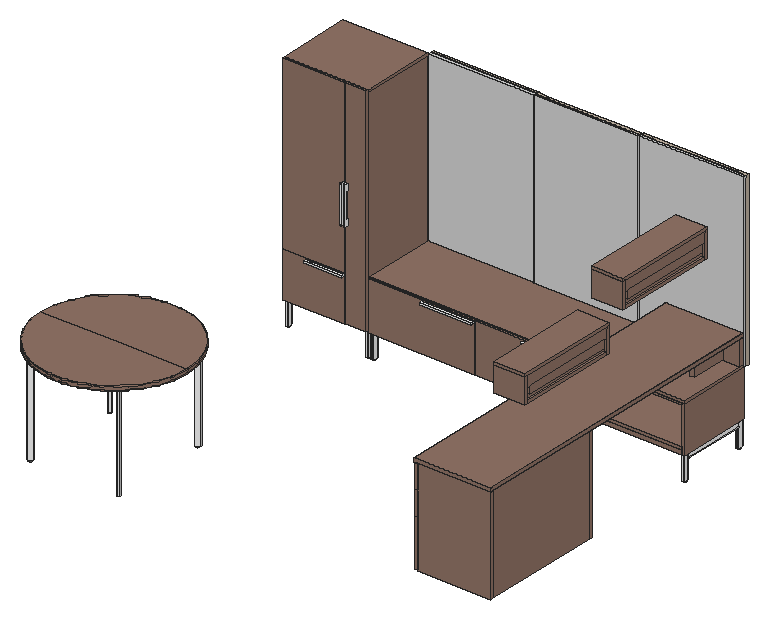
Revit family "FLV005", category Furniture, Revit 2019 (continued)
Definition of nested family "JSI-Flux- Lat_File_Ped_Crednz_Leg"
  Lines and regions (in)
    symbolic lines, detail levels medium+fine
      curve 6: line (-35.25163, 10.6875, 0) -> (-36.00163, 10.6875, 0)
      curve 7: line (-35.25163, 10.6875, 0) -> (-35.25163, -10.375, 0)
      curve 8: line (-35.25163, -10.375, 0) -> (-36.00163, -10.375, 0)
      curve 9: line (59.12337, 10.6875, 0) -> (59.12337, -11.125, 0)
      curve 10: line (59.87337, 10.6875, 0) -> (59.87337, -11.125, 0)
      curve 11: line (59.87337, 10.6875, 0) -> (59.12337, 10.6875, 0)
      curve 12: line (59.87337, -11.125, 0) -> (59.12337, -11.125, 0)
      curve 13: line (59.12337, 10.625, 0) -> (-35.25163, 10.625, 0)
      curve 14: line (59.12337, 9.875, 0) -> (-35.25163, 9.875, 0)
    symbolic lines, visible <- "L1_Partition", detail levels medium+fine
      curve 15: line (-4.2933, 9.875, 0) -> (-4.2933, -10.375, 0)
      curve 16: line (-3.5433, 9.875, 0) -> (-3.5433, -10.375, 0)
      curve 17: line (-3.5433, 9.875, 0) -> (-4.2933, 9.875, 0)
      curve 18: line (-3.5433, -10.375, 0) -> (-4.2933, -10.375, 0)
    symbolic lines, visible <- "L2_Partition", detail levels medium+fine
      curve 19: line (-3.5433, 9.875, 0) -> (-3.5433, -10.375, 0)
      curve 20: line (-2.7933, 9.875, 0) -> (-2.7933, -10.375, 0)
      curve 21: line (-2.7933, 9.875, 0) -> (-3.5433, 9.875, 0)
      curve 22: line (-2.7933, -10.375, 0) -> (-3.5433, -10.375, 0)
    symbolic lines, visible <- "R1_Partition", detail levels medium+fine
      curve 23: line (26.66503, 9.875, 0) -> (26.66503, -10.375, 0)
      curve 24: line (27.41503, 9.875, 0) -> (27.41503, -10.375, 0)
      curve 25: line (27.41503, 9.875, 0) -> (26.66503, 9.875, 0)
      curve 26: line (27.41503, -10.375, 0) -> (26.66503, -10.375, 0)
    symbolic lines, visible <- "R2_Partition", detail levels medium+fine
      curve 27: line (27.41503, 9.875, 0) -> (27.41503, -10.375, 0)
      curve 28: line (28.16503, 9.875, 0) -> (28.16503, -10.375, 0)
      curve 29: line (28.16503, -10.375, 0) -> (27.41503, -10.375, 0)
      curve 30: line (28.16503, 9.875, 0) -> (27.41503, 9.875, 0)
  Dimensions and locks (in)
    plane 2 "Center (Left/Right)" to plane 5 to plane 48 = 0' - 0 1/16" locked, 0' - 0 1/16" locked
    plane 49 to plane 7 to plane 4 = 0' - 0 1/16" locked, 0' - 0 1/16" locked
    "Width": plane 2 "Center (Left/Right)" to plane 4
    equal spacing: plane 2 "Center (Left/Right)", plane 8, plane 4
    plane 14 to plane 13 to plane 9 to plane 6 to plane 3 "Center (Front/Back)" = 0' - 1 3/16" locked, 0' - 0 3/4" locked, 0' - 0 1/16" locked, 0' - 0 1/16" locked
    "Depth": plane 10 to plane 3 "Center (Front/Back)"
    plane 10 to plane 11 to plane 12 = 0' - 0 1/8" locked, 0' - 0 3/4" locked
    plane 16 to plane 15 to plane 13 = 0' - 0 1/2" locked, 0' - 3 3/8" locked
    locked: plane 17 to plane 13 at 4
    locked: plane 12 to plane 18 at 4
    locked: plane 12 to plane 19 at 2.25
    locked: plane 23 to plane 24 at 0.75
    locked: plane 20 to plane 1 at 7.1875
    plane 24 to plane 25 to plane 26 = 0' - 0 3/4" locked, 0' - 2" locked
    locked: plane 22 to plane 21 at 0.75
    plane 29 to plane 31 to plane 50 = 0' - 0 3/4" locked, 0' - 0 3/4" locked
    plane 51 to plane 32 to plane 30 = 0' - 0 3/4" locked, 0' - 0 3/4" locked
    locked: plane 5 to plane 33 at 0.75
    locked: plane 34 to plane 7 at 0.75
    locked: plane 35 to plane 36 at 4
    equal spacing: plane 35, plane 8, plane 36
    locked: plane 37 to plane 13 at 1.4375
    locked: plane 38 to plane 27 at 2.5
    locked: plane 39 to plane 40 at 6
    locked: plane 41 to plane 42 at 6
    equal spacing: plane 41, plane 8, plane 42
    plane 44 to plane 43 to plane 13 = 0' - 2 1/2" locked, 0' - 0 1/2" locked
    locked: plane 46 to plane 20 at 0.125
    locked: plane 24 to plane 45 at 0.125
    "Door Height": plane 47 to plane 46
    plane 52 to plane 31 to plane 53 = 0' - 0 1/16" locked, 0' - 0 1/16" locked
    plane 54 to plane 32 to plane 55 = 0' - 0 1/16" locked, 0' - 0 1/16" locked
    "Partition Dist": plane 33 to plane 29
    "Partition Dist": plane 30 to plane 34
    Extrusion 13 sketch curve to Extrusion 13 sketch curve = 0' - 6"
    locked: plane 39 to plane 58 at 1
    locked: plane 59 to plane 40 at 1
    locked: plane 60 to plane 61 at 6
    locked: plane 60 to plane 62 at 1
    locked: plane 63 to plane 61 at 1
    "L_Socket Dist": plane 2 "Center (Left/Right)" to plane 39
    "R_Shocket Dist": plane 61 to plane 4
    "Door Height": Extrusion 17 sketch curve to Extrusion 17 sketch curve
    "Door Width": Extrusion 17 sketch curve to Extrusion 17 sketch curve
    "Door Height": Extrusion 18 sketch curve to Extrusion 18 sketch curve
    "Door Width": Extrusion 18 sketch curve to Extrusion 18 sketch curve
    group 1 to group 2 = 5' - 3.41667"
    group 1 to group 2 = 0' - 0"  (x2)
    "Door Array Dist": Extrusion 17 to Extrusion 18
    "Door Dist": Extrusion 17 to plane 2 "Center (Left/Right)"
    locked: plane 48 to plane 64 at 1
    locked: plane 65 to plane 34 at 1
    locked: plane 12 to plane 66 at 1
    locked: plane 47 to plane 67 at 0.20312
    "L_Pull Dist": plane 2 "Center (Left/Right)" to plane 68
    "C_Pull Dist": plane 2 "Center (Left/Right)" to plane 69
    "R_Pull Dist": plane 2 "Center (Left/Right)" to plane 70
    equal spacing: plane 2 "Center (Left/Right)", plane 71, plane 4
    equal spacing: plane 12, plane 72, plane 6
    equal spacing: plane 2 "Center (Left/Right)", plane 73, plane 4
    locked: plane 21 to plane 20 at 1.1875
    "Height": plane 23 to plane 1
    locked: plane 74 to plane 27 at 1.25
    equal spacing: plane 24, plane 74, plane 22
    aligned and locked: level to plane 1
    aligned and locked: Extrusion 1 sketch curve to plane 5
    aligned and locked: Extrusion 1 sketch curve to plane 6
    aligned and locked: Extrusion 1 sketch curve to plane 33
    aligned and locked: Extrusion 1 sketch curve to plane 12
    aligned and locked: Extrusion 2 sketch curve to plane 34
    aligned and locked: Extrusion 2 sketch curve to plane 7
    aligned and locked: Extrusion 2 sketch curve to plane 6
    aligned and locked: Extrusion 2 sketch curve to plane 12
    aligned and locked: plane 24 to Extrusion 1
    aligned and locked: Extrusion 1 to plane 20
    aligned and locked: plane 24 to Extrusion 2
    aligned and locked: Extrusion 2 to plane 20
    aligned and locked: plane 25 to Extrusion 3 sketch curve
    aligned and locked: plane 24 to Extrusion 3 sketch curve
    aligned and locked: plane 16 to Extrusion 3 sketch curve
    aligned and locked: plane 12 to Extrusion 3 sketch curve
    aligned and locked: Extrusion 3 to plane 33
    aligned and locked: plane 34 to Extrusion 3
    aligned and locked: plane 22 to Extrusion 4 sketch curve
    aligned and locked: plane 21 to Extrusion 4 sketch curve
    aligned and locked: plane 13 to Extrusion 4 sketch curve
    aligned and locked: plane 12 to Extrusion 4 sketch curve
    aligned and locked: Extrusion 4 to plane 33
    aligned and locked: plane 34 to Extrusion 4
    aligned and locked: plane 25 to Extrusion 5 sketch curve
    aligned and locked: plane 15 to Extrusion 5 sketch curve
    aligned and locked: plane 26 to Extrusion 5 sketch curve
    aligned and locked: plane 13 to Extrusion 5 sketch curve
    aligned and locked: plane 22 to Extrusion 5 sketch curve
    aligned and locked: plane 12 to Extrusion 5 sketch curve
    aligned and locked: Extrusion 5 to plane 29
    aligned and locked: plane 31 to Extrusion 5
    aligned and locked: plane 25 to Extrusion 6 sketch curve
    aligned and locked: plane 12 to Extrusion 6 sketch curve
    aligned and locked: plane 15 to Extrusion 6 sketch curve
    aligned and locked: plane 26 to Extrusion 6 sketch curve
    aligned and locked: plane 13 to Extrusion 6 sketch curve
    aligned and locked: plane 22 to Extrusion 6 sketch curve
    aligned and locked: plane 30 to Extrusion 6
    aligned and locked: Extrusion 6 to plane 32
    aligned and locked: plane 14 to Extrusion 7 sketch curve
    aligned and locked: plane 13 to Extrusion 7 sketch curve
    aligned and locked: plane 24 to Extrusion 7 sketch curve
    aligned and locked: plane 26 to Extrusion 7 sketch curve
    aligned and locked: Extrusion 7 to plane 33
    aligned and locked: plane 34 to Extrusion 7
    aligned and locked: plane 13 to Extrusion 8 sketch curve
    aligned and locked: plane 17 to Extrusion 8 sketch curve
    aligned and locked: plane 20 to Extrusion 8 sketch curve
    aligned and locked: plane 21 to Extrusion 8 sketch curve
    aligned and locked: plane 18 to Extrusion 9 sketch curve
    aligned and locked: plane 12 to Extrusion 9 sketch curve
    aligned and locked: plane 21 to Extrusion 9 sketch curve
    aligned and locked: plane 20 to Extrusion 9 sketch curve
    aligned and locked: Extrusion 8 to plane 33
    aligned and locked: Extrusion 9 to plane 33
    aligned and locked: plane 34 to Extrusion 8
    aligned and locked: plane 34 to Extrusion 9
    aligned and locked: Extrusion 10 sketch curve to plane 9
    aligned and locked: Extrusion 10 sketch curve to plane 13
    aligned and locked: Extrusion 10 sketch curve to plane 33
    aligned and locked: Extrusion 10 sketch curve to plane 34
    aligned and locked: Extrusion 10 to plane 20
    aligned and locked: plane 24 to Extrusion 10
    aligned and locked: plane 25 to Extrusion 11 sketch curve
    aligned and locked: plane 12 to Extrusion 11 sketch curve
    aligned and locked: plane 13 to Extrusion 11 sketch curve
    aligned and locked: plane 22 to Extrusion 11 sketch curve
    aligned and locked: plane 15 to Extrusion 11 sketch curve
    aligned and locked: plane 26 to Extrusion 11 sketch curve
    aligned and locked: Extrusion 11 to plane 31
    aligned and locked: plane 50 to Extrusion 11
    aligned and locked: plane 25 to Extrusion 12 sketch curve
    aligned and locked: plane 12 to Extrusion 12 sketch curve
    aligned and locked: plane 13 to Extrusion 12 sketch curve
    aligned and locked: plane 22 to Extrusion 12 sketch curve
    aligned and locked: plane 15 to Extrusion 12 sketch curve
    aligned and locked: plane 26 to Extrusion 12 sketch curve
    aligned and locked: plane 32 to Extrusion 12
    aligned and locked: Extrusion 12 to plane 51
    aligned and locked: Extrusion 13 to plane 3 "Center (Front/Back)"
    aligned and locked: plane 13 to Extrusion 13
    aligned and locked: cut or joined group of Extrusion 10, Extrusion 13, Extrusion 15 to plane 39
    aligned and locked: plane 40 to cut or joined group of Extrusion 10, Extrusion 13, Extrusion 15
    aligned and locked: Extrusion 14 sketch curve to plane 3 "Center (Front/Back)"
    aligned and locked: Extrusion 14 sketch curve to plane 43
    aligned and locked: Extrusion 14 sketch curve to plane 58
    aligned and locked: Extrusion 14 sketch curve to plane 59
    aligned and locked: plane 28 to Extrusion 14
    aligned and locked: Extrusion 15 sketch curve to plane 38
    aligned and locked: Extrusion 15 sketch curve to plane 27
    aligned and locked: Extrusion 15 sketch curve to plane 60
    aligned and locked: Extrusion 15 sketch curve to plane 61
    aligned and locked: Extrusion 15 to plane 3 "Center (Front/Back)"
    aligned and locked: plane 13 to Extrusion 15
    aligned and locked: Extrusion 16 sketch curve to plane 53
    aligned and locked: Extrusion 16 sketch curve to plane 54
    aligned and locked: Extrusion 16 sketch curve to plane 12
    aligned and locked: Extrusion 16 sketch curve to plane 11
    aligned and locked: Extrusion 16 to plane 46
    aligned and locked: Extrusion 17 to plane 12
    aligned and locked: plane 11 to Extrusion 17
    aligned and locked: Extrusion 17 to plane 46  (x2)
    aligned and locked: plane 3 "Center (Front/Back)" to Extrusion 19 sketch curve
    aligned and locked: plane 23 to Extrusion 19 sketch curve
    aligned and locked: plane 24 to Extrusion 19 sketch curve
    aligned and locked: Extrusion 19 to plane 2 "Center (Left/Right)"
    aligned and locked: plane 4 to Extrusion 19
    aligned and locked: curve 1 to plane 3 "Center (Front/Back)"
    aligned and locked: curve 2 to plane 2 "Center (Left/Right)"
    aligned and locked: curve 3 to plane 10
    aligned and locked: curve 4 to plane 4
    aligned and locked: plane 67 to nested 1
    aligned and locked: plane 68 to nested 1
    aligned and locked: plane 69 to nested 2
    aligned and locked: plane 67 to nested 2
    aligned and locked: nested 3 to plane 70
    aligned and locked: plane 67 to nested 3
    aligned and locked: plane 11 to nested 1
    aligned and locked: plane 11 to nested 2
    aligned and locked: plane 11 to nested 3
    aligned and locked: plane 10 to nested 4
    aligned and locked: plane 71 to nested 4
    aligned and locked: curve 5 to plane 5
    aligned and locked: curve 6 to plane 6
    aligned and locked: curve 7 to plane 33
    aligned and locked: curve 8 to plane 12
    aligned and locked: curve 9 to plane 34
    aligned and locked: curve 10 to plane 7
    aligned and locked: curve 11 to plane 6
    aligned and locked: curve 12 to plane 11
    aligned and locked: plane 33 to curve 13
    aligned and locked: plane 34 to curve 13
    aligned and locked: plane 34 to curve 14
    aligned and locked: curve 15 to plane 29
    aligned and locked: curve 16 to plane 31
    aligned and locked: curve 17 to plane 13
    aligned and locked: curve 18 to plane 12
    aligned and locked: curve 20 to plane 50
    aligned and locked: curve 21 to plane 13
    aligned and locked: curve 22 to plane 12
    aligned and locked: curve 23 to plane 51
    aligned and locked: curve 25 to plane 13
    aligned and locked: curve 26 to plane 12
    aligned and locked: curve 27 to plane 32
    aligned and locked: curve 28 to plane 30
    aligned and locked: curve 29 to plane 12
    aligned and locked: curve 30 to plane 13
    aligned and locked: plane 47 to Extrusion 16
    aligned and locked: Extrusion 18 to plane 46
    aligned and locked: nested 5 to plane 72
    aligned and locked: plane 73 to nested 5
    aligned and locked: plane 20 to nested 5
    aligned and locked: nested 5 to plane 1
    aligned and locked: plane 28 to plane 47
    aligned and locked: plane 12 to Extrusion 19 sketch curve
  Automatic sketch dimensions
    Extrusion 5 sketch curve to plane 44 = 0' - 0 1/8"
    Extrusion 6 sketch curve to plane 44 = 0' - 0 1/8"
    Extrusion 11 sketch curve to plane 44 = 0' - 0 1/8"
    Extrusion 12 sketch curve to plane 44 = 0' - 0 1/8"
    plane 13 to Extrusion 14 sketch curve = 0' - 0"  (x2)
    Extrusion 15 sketch curve to plane 62 = 0' - 0"  (x2)
    Extrusion 15 sketch curve to plane 63 = 0' - 0"  (x2)
    Extrusion 13 sketch curve to plane 39 = 0' - 0"
    Extrusion 13 sketch curve to plane 27 = 0' - 0"
    Extrusion 13 sketch curve to plane 58 = 0' - 0"  (x2)
    Extrusion 13 sketch curve to plane 38 = 0' - 0"
    Extrusion 13 sketch curve to plane 59 = 0' - 0"  (x2)
    plane 13 to curve 14 = 0' - 0"
    plane 9 to curve 13 = 0' - 0"
  Nested families (in)
    nested 1: "Bar Pull C_Long" at (-14.35519, -11.125, 20.92187), visible <- "L_Pull", Pull Finish <- "Pull Finish", Pull Lines <- "L_Pull", type "PL"
      with Pull Lines yes, Pull Finish none
    nested 2: "Bar Pull C_Long" at (8.69374, -11.125, 20.92187), visible <- "C_Pull", Pull Finish <- "Pull Finish", Pull Lines <- "C_Pull", type "PL"
      with Pull Lines yes, Pull Finish none
    nested 3: "Bar Pull C_Long" at (31.74267, -11.125, 20.92187), visible <- "R_Pull", Pull Finish <- "Pull Finish", Pull Lines <- "R_Pull", type "PL"
      with Pull Lines yes, Pull Finish none
    nested 4: "Label 1-16" at (11.93587, -11.25, 0), type "DRWCFG"
    nested 5: "LEGS" at (-19.99122, 10.6875, 0), LEGS <- "Legs", GLIDES <- "Glides", Width <- "Leg Width", Depth <- "Leg Depth", type "LG"
      with Width 5' - 3.85417", LG yes, LEGS none, GLIDES none, Depth 1' - 9 1/16"
  Definition of nested family "Bar Pull C_Long"
    Parameters
      Stud = Long Pull Width / 7  # 0' - 2.12261"
      Pull Lines [instance] = yes
      Long Pull Width = 1' - 2.85827"
      Pull Finish [instance] = none
    Reference planes (in)
      plane 1 "Center Front/Back": y = 0
      plane 2: z = 0
      plane 3 "Center Left/Right": x = 3.24213
      plane 4: y = -0.125
    Forms (in)
      Extrusion 1, solid, material <- "Pull Finish"
        sketch origin (0, 0, 0) x (1, 0, 0) y (0, 1, 0)
          loop
            line (-4.18701, 0) -> (-4.18701, -0.85113)
            arc (-4.18701, -0.85113) -> (-4.15955, -0.91742) -> (-4.09326, -0.94488) r 0.09375
            line (-4.09326, -0.94488) -> (10.59252, -0.94488)
            arc (10.59252, -0.94488) -> (10.6482, -0.92182) -> (10.67126, -0.86614) r 0.07874
            line (10.67126, -0.86614) -> (10.67126, 0) -> (8.54865, 0) -> (8.54865, -0.70177)
            arc (8.54865, -0.70177) -> (8.51204, -0.79016) -> (8.42365, -0.82677) r 0.125
            line (8.42365, -0.82677) -> (-1.9394, -0.82677)
            arc (-1.9394, -0.82677) -> (-2.02779, -0.79016) -> (-2.0644, -0.70177) r 0.125
            line (-2.0644, -0.70177) -> (-2.0644, 0) -> (-4.18701, 0)
        from -0.43307 to -0.11811
      Extrusion 2, solid, material <- "Pull Finish"
        sketch origin (0, 0, 0) x (1, 0, 0) y (0, 1, 0)
          loop
            line (-4.18701, 0) -> (-4.18701, -0.85113)
            arc (-4.18701, -0.85113) -> (-4.15955, -0.91742) -> (-4.09326, -0.94488) r 0.09375
            line (-4.09326, -0.94488) -> (10.59252, -0.94488)
            arc (10.59252, -0.94488) -> (10.6482, -0.92182) -> (10.67126, -0.86614) r 0.07874
            line (10.67126, -0.86614) -> (10.67126, 0) -> (-4.18701, 0)
        from 0 to -0.11811
    Cuts and joins
      joined: Extrusion 1, Extrusion 2
    Lines and regions (in)
      symbolic lines, visible <- "Pull Lines"
        curve 1: line (-4.18701, -0.125, 0) -> (-4.18701, -0.85113, 0)
        curve 2: line (-4.09326, -0.94488, 0) -> (10.59252, -0.94488, 0)
        curve 3: line (10.67126, -0.86614, 0) -> (10.67126, -0.125, 0)
        curve 4: arc (10.59252, -0.94488, 0) -> (10.6482, -0.92182, 0) -> (10.67126, -0.86614, 0) r 0.07874
        curve 5: arc (-4.18701, -0.85113, 0) -> (-4.15955, -0.91742, 0) -> (-4.09326, -0.94488, 0) r 0.09375
    Dimensions and locks (in)
      equal spacing: Extrusion 1 sketch curve, plane 3 "Center Left/Right", Extrusion 1 sketch curve
      "Stud": Extrusion 1 sketch curve to Extrusion 1 sketch curve  (x2)
      "Long Pull Width": Extrusion 1 sketch curve to Extrusion 1 sketch curve
      locked: plane 4 to plane 1 "Center Front/Back" at 0.125
      aligned and locked: level to plane 2
      aligned and locked: Extrusion 2 sketch curve to Extrusion 1  (x2)
      aligned and locked: cut or joined group of Extrusion 1, Extrusion 2 to curve 1
      aligned and locked: curve 4 to cut or joined group of Extrusion 1, Extrusion 2
      aligned and locked: curve 5 to cut or joined group of Extrusion 1, Extrusion 2
      aligned and locked: plane 4 to curve 1
      aligned and locked: plane 4 to curve 3
    Automatic sketch dimensions
      plane 1 "Center Front/Back" to Extrusion 2 sketch curve = 0' - 0"
      plane 1 "Center Front/Back" to Extrusion 1 sketch curve = 0' - 0"  (x2)
      Extrusion 1 sketch curve to Extrusion 1 sketch curve = 0' - 0 3/32"
      Extrusion 1 sketch curve to Extrusion 1 sketch curve = 0' - 0 1/8"  (x2)
      Extrusion 1 sketch curve to Extrusion 1 sketch curve = 0' - 0.07874"
      plane 4 to Extrusion 1 sketch curve = 0' - 0.57677"
      plane 4 to Extrusion 1 sketch curve = 0' - 0.72613"
  Definition of nested family "LEGS"
    Parameters
      Width [instance] = 2' - 6"
      LG [instance] = yes
      LEGS [instance] = none
      GLIDES [instance] = none
      Depth [instance] = 1' - 9 3/32"
    Reference planes (in)
      plane 1 "Center Front/Back": y = 0
      plane 2: z = 0
      plane 3 "Center Left/Right": x = 0
      plane 4: x = 30
      plane 5: y = -21.09375
      plane 6: x = 0.21441
      plane 7: x = 0.96441
      plane 8: x = 29.03125
      plane 9: x = 29.78125
      plane 10: z = 7.1875
      plane 11: y = -0.0625
      plane 12: y = -1.5625
      plane 13: y = -19.53125
      plane 14: y = -21.03125
      plane 15: y = -10.54687
      plane 16: x = 15
      plane 17: z = 0.30625
    Forms (in)
      Extrusion 1, solid, material <- "LEGS", visible <- "LG"
        sketch origin (0, 0, 0) x (1, 0, 0) y (0, 1, 0)
          loop
            arc (0.33941, -0.0625) -> (0.25102, -0.09911) -> (0.21441, -0.1875) r 0.125
            line (0.21441, -0.1875) -> (0.21441, -1.4375)
            arc (0.21441, -1.4375) -> (0.25102, -1.52589) -> (0.33941, -1.5625) r 0.125
            line (0.33941, -1.5625) -> (0.83941, -1.5625)
            arc (0.83941, -1.5625) -> (0.9278, -1.52589) -> (0.96441, -1.4375) r 0.125
            line (0.96441, -1.4375) -> (0.96441, -0.1875)
            arc (0.96441, -0.1875) -> (0.9278, -0.09911) -> (0.83941, -0.0625) r 0.125
            line (0.83941, -0.0625) -> (0.33941, -0.0625)
          loop
            arc (29.15625, -0.0625) -> (29.06786, -0.09911) -> (29.03125, -0.1875) r 0.125
            line (29.03125, -0.1875) -> (29.03125, -1.4375)
            arc (29.03125, -1.4375) -> (29.06786, -1.52589) -> (29.15625, -1.5625) r 0.125
            line (29.15625, -1.5625) -> (29.65625, -1.5625)
            arc (29.65625, -1.5625) -> (29.74464, -1.52589) -> (29.78125, -1.4375) r 0.125
            line (29.78125, -1.4375) -> (29.78125, -0.1875)
            arc (29.78125, -0.1875) -> (29.74464, -0.09911) -> (29.65625, -0.0625) r 0.125
            line (29.65625, -0.0625) -> (29.15625, -0.0625)
          loop
            arc (29.15625, -19.53125) -> (29.06786, -19.56786) -> (29.03125, -19.65625) r 0.125
            line (29.03125, -19.65625) -> (29.03125, -20.90625)
            arc (29.03125, -20.90625) -> (29.06786, -20.99464) -> (29.15625, -21.03125) r 0.125
            line (29.15625, -21.03125) -> (29.65625, -21.03125)
            arc (29.65625, -21.03125) -> (29.74464, -20.99464) -> (29.78125, -20.90625) r 0.125
            line (29.78125, -20.90625) -> (29.78125, -19.65625)
            arc (29.78125, -19.65625) -> (29.74464, -19.56786) -> (29.65625, -19.53125) r 0.125
            line (29.65625, -19.53125) -> (29.15625, -19.53125)
          loop
            arc (0.33941, -19.53125) -> (0.25102, -19.56786) -> (0.21441, -19.65625) r 0.125
            line (0.21441, -19.65625) -> (0.21441, -20.90625)
            arc (0.21441, -20.90625) -> (0.25102, -20.99464) -> (0.33941, -21.03125) r 0.125
            line (0.33941, -21.03125) -> (0.83941, -21.03125)
            arc (0.83941, -21.03125) -> (0.9278, -20.99464) -> (0.96441, -20.90625) r 0.125
            line (0.96441, -20.90625) -> (0.96441, -19.65625)
            arc (0.96441, -19.65625) -> (0.9278, -19.56786) -> (0.83941, -19.53125) r 0.125
            line (0.83941, -19.53125) -> (0.33941, -19.53125)
        from 0.30625 to 7.1875
      Extrusion 2, solid, material <- "LEGS", visible <- "LG"
        sketch origin (0, 0, 0) x (1, 0, 0) y (0, 0, 1)
          loop
            line (0.33941, 5.6875) -> (0.83941, 5.6875)
            arc (0.83941, 5.6875) -> (0.9278, 5.72411) -> (0.96441, 5.8125) r 0.125
            line (0.96441, 5.8125) -> (0.96441, 7.0625)
            arc (0.96441, 7.0625) -> (0.9278, 7.15089) -> (0.83941, 7.1875) r 0.125
            line (0.83941, 7.1875) -> (0.33941, 7.1875)
            arc (0.33941, 7.1875) -> (0.25102, 7.15089) -> (0.21441, 7.0625) r 0.125
            line (0.21441, 7.0625) -> (0.21441, 5.8125)
            arc (0.21441, 5.8125) -> (0.25102, 5.72411) -> (0.33941, 5.6875) r 0.125
          loop
            line (29.15625, 5.6875) -> (29.65625, 5.6875)
            arc (29.65625, 5.6875) -> (29.74464, 5.72411) -> (29.78125, 5.8125) r 0.125
            line (29.78125, 5.8125) -> (29.78125, 7.0625)
            arc (29.78125, 7.0625) -> (29.74464, 7.15089) -> (29.65625, 7.1875) r 0.125
            line (29.65625, 7.1875) -> (29.15625, 7.1875)
            arc (29.15625, 7.1875) -> (29.06786, 7.15089) -> (29.03125, 7.0625) r 0.125
            line (29.03125, 7.0625) -> (29.03125, 5.8125)
            arc (29.03125, 5.8125) -> (29.06786, 5.72411) -> (29.15625, 5.6875) r 0.125
        from 1.5625 to 19.53125
      Extrusion 3, solid, material <- "LEGS", visible <- "LG"
        sketch origin (0, 0, 0) x (0, 1, 0) y (0, 0, 1)
          loop
            line (-10.03125, 6.9375) -> (-11.0625, 6.9375)
            arc (-11.0625, 6.9375) -> (-11.15089, 6.90089) -> (-11.1875, 6.8125) r 0.125
            line (-11.1875, 6.8125) -> (-11.1875, 5.8125)
            arc (-11.1875, 5.8125) -> (-11.15089, 5.72411) -> (-11.0625, 5.6875) r 0.125
            line (-11.0625, 5.6875) -> (-10.03125, 5.6875)
            arc (-10.03125, 5.6875) -> (-9.94286, 5.72411) -> (-9.90625, 5.8125) r 0.125
            line (-9.90625, 5.8125) -> (-9.90625, 6.8125)
            arc (-9.90625, 6.8125) -> (-9.94286, 6.90089) -> (-10.03125, 6.9375) r 0.125
        from 0.96441 to 29.03125
      Extrusion 4, solid, material <- "GLIDES", visible <- "LG"
        sketch origin (0, 0, 0) x (1, 0, 0) y (0, 1, 0)
          loop
            circle (0.58941, -0.8125) r 0.375
          loop
            circle (0.58941, -20.25) r 0.375
          loop
            circle (29.41059, -0.8125) r 0.375
          loop
            circle (29.41059, -20.25) r 0.375
        from 0 to 0.30625
    Dimensions and locks (in)
      "Width": plane 3 "Center Left/Right" to plane 4
      "Depth": plane 1 "Center Front/Back" to plane 5
      plane 13 to plane 14 to plane 5 = 0' - 1 1/2" locked, 0' - 0 1/16" locked
      plane 1 "Center Front/Back" to plane 11 to plane 12 = 0' - 0 1/16" locked, 0' - 1 1/2" locked
      plane 3 "Center Left/Right" to plane 6 to plane 7 = 0' - 0.21441" locked, 0' - 0 3/4" locked
      plane 8 to plane 9 to plane 4 = 0' - 0 3/4" locked, 0' - 0 7/32" locked
      locked: plane 10 to Extrusion 2 sketch curve at 1.5  (x2)
      plane 10 to Extrusion 3 sketch curve to Extrusion 3 sketch curve = 0' - 0 1/4" locked, 0' - 1 1/4" locked
      equal spacing: plane 3 "Center Left/Right", plane 16, plane 4
      equal spacing: plane 5, plane 15, plane 1 "Center Front/Back"
      equal spacing: Extrusion 3 sketch curve, plane 15, Extrusion 3 sketch curve, locked at 0.64063 each
      locked: plane 13 to Extrusion 4 sketch curve at 0.71875  (x2)
      locked: Extrusion 4 sketch curve to plane 7 at 0.375  (x2)
      locked: Extrusion 4 sketch curve to plane 12 at 0.75  (x2)
      locked: plane 8 to Extrusion 4 sketch curve at 0.37934  (x2)
      plane 10 to plane 17 to plane 2 = 0' - 6.88125" locked, 0' - 0.30625" locked
      aligned and locked: level to plane 2
      aligned and locked: Extrusion 1 sketch curve to plane 11  (x2)
      aligned and locked: plane 6 to Extrusion 1 sketch curve
      aligned and locked: plane 12 to Extrusion 1 sketch curve  (x2)
      aligned and locked: Extrusion 1 sketch curve to plane 7  (x2)
      aligned and locked: plane 8 to Extrusion 1 sketch curve  (x2)
      aligned and locked: Extrusion 1 sketch curve to plane 9  (x2)
      aligned and locked: Extrusion 1 sketch curve to plane 13  (x2)
      aligned and locked: plane 14 to Extrusion 1 sketch curve  (x2)
      aligned and locked: Extrusion 2 sketch curve to plane 6
      aligned and locked: plane 7 to Extrusion 2 sketch curve
      aligned and locked: plane 10 to Extrusion 2 sketch curve  (x2)
      aligned and locked: Extrusion 2 sketch curve to plane 8
      aligned and locked: plane 9 to Extrusion 2 sketch curve
      aligned and locked: plane 10 to Extrusion 1
      aligned and locked: plane 12 to Extrusion 2
      aligned and locked: Extrusion 2 to plane 13
      aligned and locked: Extrusion 3 to plane 7
      aligned and locked: plane 8 to Extrusion 3
      aligned and locked: Extrusion 1 to plane 17
      aligned and locked: Extrusion 4 to level
      aligned and locked: plane 17 to Extrusion 4
    Automatic sketch dimensions
      Extrusion 1 sketch curve to plane 6 = 0' - 0"
      Extrusion 1 sketch curve to Extrusion 1 sketch curve = 0' - 0 1/8"  (x7)
      plane 6 to Extrusion 1 sketch curve = 0' - 0 1/8"  (x2)
      Extrusion 1 sketch curve to plane 7 = 0' - 0 1/8"  (x2)
      plane 8 to Extrusion 1 sketch curve = 0' - 0 1/8"  (x4)
      Extrusion 1 sketch curve to plane 9 = 0' - 0 1/8"
      plane 6 to Extrusion 2 sketch curve = 0' - 0 1/8"  (x2)
      Extrusion 2 sketch curve to plane 7 = 0' - 0 1/8"
      Extrusion 2 sketch curve to Extrusion 2 sketch curve = 0' - 0 1/8"  (x2)
      plane 8 to Extrusion 2 sketch curve = 0' - 0 1/8"  (x2)
      Extrusion 2 sketch curve to plane 9 = 0' - 0 1/8"
      Extrusion 3 sketch curve to Extrusion 3 sketch curve = 0' - 0 1/8"  (x3)
      Extrusion 3 sketch curve to Extrusion 3 sketch curve = 0' - 0"
      Extrusion 3 sketch curve to plane 15 = 0' - 0 41/64"
      radius of Extrusion 4 sketch curve = 0' - 0 3/8"  (x4)
  Definition of nested family "Label 1-16"
    Parameters
      Model Name = "LOW DOOR"
    Reference planes (in)
      plane 1: y = 0
      plane 2: x = 0
    Text (in)
      label "XX" at (0.00051, -0.12324, 0), shows "Model Name"
Definition of nested family "JSI-Flux-Wall_Mount_Tack_Panel"
  Parameters (values of type "Type Catalog - Wall Mount Tack Board")
    Width = 2' - 4 1/4"
    URL = "www.jsifurniture.com"
    Type Comments = ""
    TAG = ""
    Support Width = if(Width > 3' 3", 2' 6", (if(Width > 2' 9", 2' 0", (if(Width > 2' 0", 1' 6", (if(Width > 1' 6", 1' 0", 0' 7")))))))  # 1' - 6"
    Support Height = if(Height > 3' 5", 0' 7 1/2", if(Height > 2' 8", 0' 11 1/2", 0' 2 1/4"))  # 0' - 2 1/4"
    Support = none
    Series = "FLUX"  # constant formula
    OH Elevation = 2' - 5"
    Model = ""
    Manufacturer = "JSI"  # constant formula
    Keynote = "12500"
    JSI Enviromental Website = "http://www.jsifurniture.com/jsi_sustainability_intro.php"
    Height = 2' - 6"
    Tackboard = none
    Description = "Wall Mount Tack Board"
    Depth = 0' - 1 1/2"
    Chassis = none
    Assembly Code = "E2020200"
  Reference planes (in)
    plane 1: z = 0
    plane 2 "Center (Left/Right)": x = -36.06413
    plane 3 "Center (Front/Back)": y = 10.75
    plane 4: x = -7.81413
    plane 5: y = 10
    plane 6: y = 9.25
    plane 7: x = -21.93913
    plane 8: x = -33.06413
    plane 9: x = -10.81413
    plane 10: z = 59
    plane 11: z = 58.75
    plane 12: z = 55.75
    plane 13: z = 53.5
    plane 14: z = 31.25
    plane 15: z = 33.5
    plane 16: z = 54.25
    plane 17: z = 32
    plane 18: x = -30.93913
    plane 19: x = -12.93913
    plane 20: z = 29
  Forms (in)
    Extrusion 1, solid, material <- "Tackboard"
      sketch origin (0, 0, 0) x (1, 0, 0) y (0, 1, 0)
        loop
          line (-7.81413, 10) -> (-36.06413, 10) -> (-36.06413, 9.25) -> (-7.81413, 9.25) -> (-7.81413, 10)
      from 29 to 58.75
    Extrusion 2, solid, material <- "Chassis"
      sketch origin (0, 0, 0) x (1, 0, 0) y (0, 1, 0)
        loop
          line (-36.06413, 10.75) -> (-36.06413, 10) -> (-33.06413, 10) -> (-33.06413, 10.75) -> (-36.06413, 10.75)
      from 29 to 58.75
    Extrusion 3, solid, material <- "Chassis"
      sketch origin (0, 0, 0) x (1, 0, 0) y (0, 1, 0)
        loop
          line (-10.81413, 10.75) -> (-10.81413, 10) -> (-7.81413, 10) -> (-7.81413, 10.75) -> (-10.81413, 10.75)
      from 29 to 58.75
    Extrusion 4, solid, material <- "Chassis"
      sketch origin (0, 0, 0) x (0, 1, 0) y (0, 0, 1)
        loop
          line (10.75, 58.75) -> (10, 58.75) -> (10, 55.75) -> (10.75, 55.75) -> (10.75, 58.75)
      from -33.06413 to -10.81413
    Extrusion 5, solid, material <- "Support"
      sketch origin (0, 0, 0) x (0, 1, 0) y (0, 0, 1)
        loop
          line (10.75, 54.25) -> (10.75, 55.75) -> (10, 55.75) -> (10, 54.25) -> (10.75, 54.25)
      from -30.93913 to -12.93913
    Extrusion 6, solid, material <- "Support"
      sketch origin (0, 0, 0) x (0, 1, 0) y (0, 0, 1)
        loop
          line (10.75, 54.25) -> (10, 54.25) -> (10, 53.5) -> (10.75, 53.5) -> (10.75, 54.25)
      from -30.93913 to -12.93913
    Extrusion 7, solid, material <- "Support"
      sketch origin (0, 0, 0) x (0, 1, 0) y (0, 0, 1)
        loop
          line (10.75, 33.5) -> (10, 33.5) -> (10, 32) -> (10.75, 32) -> (10.75, 33.5)
      from -30.93913 to -12.93913
    Extrusion 8, solid, material <- "Support"
      sketch origin (0, 0, 0) x (0, 1, 0) y (0, 0, 1)
        loop
          line (10.75, 32) -> (10, 32) -> (10, 31.25) -> (10.75, 31.25) -> (10.75, 32)
      from -30.93913 to -12.93913
  Lines and regions (in)
    symbolic lines
      curve 1: line (-36.06413, 10.75, 0) -> (-36.06413, 9.25, 0)
      curve 2: line (-7.81413, 10.75, 0) -> (-7.81413, 9.25, 0)
      curve 3: line (-7.81413, 10.75, 0) -> (-36.06413, 10.75, 0)
      curve 4: line (-7.81413, 9.25, 0) -> (-36.06413, 9.25, 0)
  Dimensions and locks (in)
    locked: plane 5 to plane 3 "Center (Front/Back)" at 0.75
    "Depth": plane 6 to plane 3 "Center (Front/Back)"
    "Width": plane 2 "Center (Left/Right)" to plane 4
    equal spacing: plane 2 "Center (Left/Right)", plane 7, plane 4
    locked: plane 2 "Center (Left/Right)" to plane 8 at 3
    locked: plane 9 to plane 4 at 3
    plane 10 to plane 11 to plane 12 = 0' - 0 1/4" locked, 0' - 3" locked
    locked: plane 12 to plane 13 at 2.25
    locked: plane 15 to plane 14 at 2.25
    locked: plane 15 to plane 17 at 1.5
    locked: plane 12 to plane 16 at 1.5
    "Support Width": plane 18 to plane 19
    equal spacing: plane 18, plane 7, plane 19
    "OH Elevation": plane 20 to plane 1
    "Height": plane 10 to plane 20
    "Support Height": plane 14 to plane 20
    aligned and locked: level to plane 1
    aligned and locked: Extrusion 1 sketch curve to plane 5
    aligned and locked: Extrusion 1 sketch curve to plane 6
    aligned and locked: Extrusion 1 sketch curve to plane 2 "Center (Left/Right)"
    aligned and locked: Extrusion 1 sketch curve to plane 4
    aligned and locked: plane 11 to Extrusion 1
    aligned and locked: Extrusion 1 to plane 20
    aligned and locked: Extrusion 2 sketch curve to plane 2 "Center (Left/Right)"
    aligned and locked: Extrusion 2 sketch curve to plane 8
    aligned and locked: Extrusion 2 sketch curve to plane 5
    aligned and locked: Extrusion 2 sketch curve to plane 3 "Center (Front/Back)"
    aligned and locked: Extrusion 3 sketch curve to plane 9
    aligned and locked: Extrusion 3 sketch curve to plane 4
    aligned and locked: Extrusion 3 sketch curve to plane 5
    aligned and locked: Extrusion 3 sketch curve to plane 3 "Center (Front/Back)"
    aligned and locked: plane 11 to Extrusion 2
    aligned and locked: plane 11 to Extrusion 3
    aligned and locked: Extrusion 2 to plane 20
    aligned and locked: Extrusion 3 to plane 20
    aligned and locked: plane 11 to Extrusion 4 sketch curve
    aligned and locked: plane 12 to Extrusion 4 sketch curve
    aligned and locked: plane 3 "Center (Front/Back)" to Extrusion 4 sketch curve
    aligned and locked: plane 5 to Extrusion 4 sketch curve
    aligned and locked: Extrusion 4 to plane 8
    aligned and locked: plane 9 to Extrusion 4
    aligned and locked: plane 16 to Extrusion 5 sketch curve
    aligned and locked: plane 12 to Extrusion 5 sketch curve
    aligned and locked: plane 5 to Extrusion 5 sketch curve
    aligned and locked: plane 3 "Center (Front/Back)" to Extrusion 5 sketch curve
    aligned and locked: plane 16 to Extrusion 6 sketch curve
    aligned and locked: plane 13 to Extrusion 6 sketch curve
    aligned and locked: plane 3 "Center (Front/Back)" to Extrusion 6 sketch curve
    aligned and locked: plane 5 to Extrusion 6 sketch curve
    aligned and locked: plane 15 to Extrusion 7 sketch curve
    aligned and locked: plane 17 to Extrusion 7 sketch curve
    aligned and locked: plane 3 "Center (Front/Back)" to Extrusion 7 sketch curve
    aligned and locked: plane 5 to Extrusion 7 sketch curve
    aligned and locked: plane 17 to Extrusion 8 sketch curve
    aligned and locked: plane 14 to Extrusion 8 sketch curve
    aligned and locked: plane 3 "Center (Front/Back)" to Extrusion 8 sketch curve
    aligned and locked: plane 5 to Extrusion 8 sketch curve
    aligned and locked: Extrusion 5 to plane 18
    aligned and locked: Extrusion 6 to plane 18
    aligned and locked: plane 19 to Extrusion 5
    aligned and locked: plane 19 to Extrusion 6
    aligned and locked: Extrusion 8 to plane 18
    aligned and locked: Extrusion 7 to plane 18
    aligned and locked: plane 19 to Extrusion 8
    aligned and locked: plane 19 to Extrusion 7
    aligned and locked: curve 1 to plane 2 "Center (Left/Right)"
    aligned and locked: curve 2 to plane 4
    aligned and locked: curve 3 to plane 3 "Center (Front/Back)"
    aligned and locked: curve 4 to plane 6
Definition of nested family "JSI-Flux_9_D_Wall_Mount_Cub"
  Parameters (values of type "Type Catalog - 9" Wall Mount Cub")
    Top = none
    Width = 8' - 0"
    URL = "www.jsifurniture.com"
    Type Comments = ""
    TAG = "Open"
    Shelf = none
    Series = "FLUX"  # constant formula
    Cubbie Distance = if(Width > 4' 6", ((Width - 0' 0 3/4") / (# of Cubbies + 1)), ((Width / 2) - 0' 0 3/8"))  # 1' - 11 13/16"
    OH Elevation = 2' - 5"
    Model = ""
    Manufacturer = "JSI"  # constant formula
    Keynote = "12500"
    JSI Enviromental Website = "http://www.jsifurniture.com/jsi_sustainability_intro.php"
    Height = 0' - 8"
    Cubbie Array dist = if(Width > 4' 6", ((Width - 0' 0 3/4") / (# of Cubbies + 1)), 0' 0")  # 1' - 11 13/16"
    Back Panel = none
    Description = ""
    Depth = 0' - 9"
    Chassis = none
    Assembly Code = "E2020200"
    # of Cubbies = if(Width > 6' 6", 3, 2)  # 3
  Reference planes (in)
    plane 1: z = 0
    plane 2 "Center (Left/Right)": x = -36.06413
    plane 3 "Center (Front/Back)": y = 10.75
    plane 4: y = 9.25
    plane 5: x = -35.31413
    plane 6: x = 59.93587
    plane 7: x = 59.18587
    plane 8: y = 1.75
    plane 9: x = 11.93587
    plane 10: z = 29
    plane 11: z = 29
    plane 12: z = 36.25
    plane 13: z = 37
    plane 14: y = 9.1875
    plane 15: y = 9.9375
    plane 16: x = -35.31413
    plane 17: x = 59.18587
    plane 18: z = 31.0625
    plane 19: z = 33.25
    plane 20: z = 29.75
    plane 21: x = -34.31413
    plane 22: x = 58.18587
  Forms (in)
    Extrusion 1, solid, material <- "Chassis"
      sketch origin (0, 0, 0) x (1, 0, 0) y (0, 1, 0)
        loop
          line (-36.06413, 10.75) -> (-36.06413, 1.75) -> (-35.31413, 1.75) -> (-35.31413, 10.75) -> (-36.06413, 10.75)
      from 29 to 36.25
    Extrusion 2, solid, material <- "Chassis"
      sketch origin (0, 0, 0) x (1, 0, 0) y (0, 1, 0)
        loop
          line (59.18587, 10.75) -> (59.18587, 1.75) -> (59.93587, 1.75) -> (59.93587, 10.75) -> (59.18587, 10.75)
      from 29 to 36.25
    Extrusion 3, solid, material <- "Top"
      sketch origin (0, 0, 0) x (1, 0, 0) y (0, 0, 1)
        loop
          line (-36.06413, 36.25) -> (59.93587, 36.25) -> (59.93587, 37) -> (-36.06413, 37) -> (-36.06413, 36.25)
      from -10.75 to -1.75
    Extrusion 4, solid, material <- "Shelf"
      sketch origin (0, 0, 0) x (1, 0, 0) y (0, 0, 1)
        loop
          line (-35.31413, 29.75) -> (-35.31413, 29) -> (59.18587, 29) -> (59.18587, 29.75) -> (-35.31413, 29.75)
      from -10.75 to -1.75
    Extrusion 5, solid, material <- "Back Panel"
      sketch origin (0, 0, 0) x (1, 0, 0) y (0, 0, 1)
        loop
          line (-35.31413, 36.25) -> (-35.31413, 29.75) -> (59.18587, 29.75) -> (59.18587, 36.25) -> (-35.31413, 36.25)
      from -9.9375 to -9.1875
    Extrusion 6, solid, material <- "Chassis"
      sketch origin (-7.75, 0, 0) x (1, 0, 0) y (0, 1, 0)
        loop
          line (-4.50163, 9.1875) -> (-4.50163, 1.75) -> (-3.75163, 1.75) -> (-3.75163, 9.1875) -> (-4.50163, 9.1875)
      from 29.75 to 36.25
    Extrusion 7, solid, material <- "Chassis"
      sketch origin (16.0625, 0, 0) x (1, 0, 0) y (0, 1, 0)
        loop
          line (-4.50163, 9.1875) -> (-4.50163, 1.75) -> (-3.75163, 1.75) -> (-3.75163, 9.1875) -> (-4.50163, 9.1875)
      from 29.75 to 36.25
    Extrusion 8, solid, material <- "Back Panel"
      sketch origin (0, 0, 0) x (0, 1, 0) y (0, 0, 1)
        loop
          line (10.75, 36.25) -> (9.9375, 36.25) -> (9.9375, 33.25) -> (10.75, 33.25) -> (10.75, 36.25)
      from -35.31413 to 59.18587
    Extrusion 9, solid, material <- "Back Panel"
      sketch origin (0, 0, 0) x (0, 1, 0) y (0, 0, 1)
        loop
          line (10.75, 33.25) -> (9.9375, 33.25) -> (9.9375, 31.0625) -> (10.75, 31.0625) -> (10.75, 33.25)
      from -34.31413 to 58.18587
    Extrusion 10, solid, material <- "Chassis"
      sketch origin (39.875, 0, 0) x (1, 0, 0) y (0, 1, 0)
        loop
          line (-4.50163, 9.1875) -> (-4.50163, 1.75) -> (-3.75163, 1.75) -> (-3.75163, 9.1875) -> (-4.50163, 9.1875)
      from 29.75 to 36.25
  Lines and regions (in)
    symbolic lines
      curve 1: line (-36.06413, 10.75, 0) -> (-36.06413, 1.75, 0)
      curve 2: line (59.93587, 10.75, 0) -> (-36.06413, 10.75, 0)
      curve 3: line (59.93587, 10.75, 0) -> (59.93587, 1.75, 0)
      curve 4: line (59.93587, 1.75, 0) -> (-36.06413, 1.75, 0)
    symbolic lines, detail levels medium+fine
      curve 5: line (-35.31413, 9.9375, 0) -> (-35.31413, 1.75, 0)
      curve 6: line (59.18587, 9.9375, 0) -> (-35.31413, 9.9375, 0)
      curve 7: line (59.18587, 9.9375, 0) -> (59.18587, 1.75, 0)
      curve 8: line (-12.25163, 9.1875, 0) -> (-12.25163, 1.75, 0)
      curve 9: line (-11.50163, 1.75, 0) -> (-11.50163, 9.1875, 0)
      curve 10: line (11.56087, 9.1875, 0) -> (11.56087, 1.75, 0)
      curve 11: line (12.31087, 1.75, 0) -> (12.31087, 9.1875, 0)
      curve 12: line (35.37337, 9.1875, 0) -> (35.37337, 1.75, 0)
      curve 13: line (36.12337, 1.75, 0) -> (36.12337, 9.1875, 0)
      curve 14: line (-11.50163, 9.1875, 0) -> (-12.25163, 9.1875, 0)
      curve 15: line (-12.25163, 1.75, 0) -> (-11.50163, 1.75, 0)
      curve 16: line (12.31087, 9.1875, 0) -> (11.56087, 9.1875, 0)
      curve 17: line (11.56087, 1.75, 0) -> (12.31087, 1.75, 0)
      curve 18: line (36.12337, 9.1875, 0) -> (35.37337, 9.1875, 0)
      curve 19: line (35.37337, 1.75, 0) -> (36.12337, 1.75, 0)
  Dimensions and locks (in)
    "Width": plane 2 "Center (Left/Right)" to plane 6
    locked: plane 2 "Center (Left/Right)" to plane 5 at 0.75
    locked: plane 7 to plane 6 at 0.75
    equal spacing: plane 2 "Center (Left/Right)", plane 9, plane 6
    "Height": plane 13 to plane 10
    "OH Elevation": plane 10 to plane 1
    plane 13 to plane 12 to plane 18 = 0' - 0 3/4" locked, 0' - 5 3/16" locked
    locked: plane 14 to plane 4 at 0.0625
    plane 2 "Center (Left/Right)" to plane 16 = 0' - 0 3/4"
    equal spacing: group 1, group 2, group 3, group 4, group 5, group 6  (x3)
    plane 14 to plane 15 to plane 3 "Center (Front/Back)" = 0' - 0 3/4" locked, 0' - 0 13/16" locked
    locked: plane 12 to plane 19 at 3
    equal spacing: group 7, group 8, group 9  (x3)
    "Cubbie Distance": plane 2 "Center (Left/Right)" to Extrusion 6
    "Cubbie Array dist": Extrusion 6 to Extrusion 7
    locked: plane 20 to plane 11 at 0.75
    "Depth": plane 8 to plane 3 "Center (Front/Back)"
    locked: plane 16 to plane 21 at 1
    locked: plane 22 to plane 17 at 1
    aligned and locked: level to plane 1
    aligned and locked: Extrusion 1 sketch curve to plane 2 "Center (Left/Right)"
    aligned and locked: Extrusion 1 sketch curve to plane 5
    aligned and locked: Extrusion 1 sketch curve to plane 3 "Center (Front/Back)"
    aligned and locked: Extrusion 1 sketch curve to plane 8
    aligned and locked: Extrusion 2 sketch curve to plane 7
    aligned and locked: Extrusion 2 sketch curve to plane 6
    aligned and locked: Extrusion 2 sketch curve to plane 3 "Center (Front/Back)"
    aligned and locked: Extrusion 2 sketch curve to plane 8
    aligned and locked: plane 12 to Extrusion 1
    aligned and locked: plane 12 to Extrusion 2
    aligned and locked: Extrusion 1 to plane 10
    aligned and locked: Extrusion 2 to plane 10
    aligned and locked: Extrusion 3 sketch curve to plane 12
    aligned and locked: Extrusion 3 sketch curve to plane 13
    aligned and locked: Extrusion 3 sketch curve to plane 2 "Center (Left/Right)"
    aligned and locked: Extrusion 3 sketch curve to plane 6
    aligned and locked: Extrusion 4 sketch curve to plane 11
    aligned and locked: Extrusion 4 sketch curve to plane 5
    aligned and locked: Extrusion 4 sketch curve to plane 7
    aligned and locked: Extrusion 3 to plane 3 "Center (Front/Back)"
    aligned and locked: plane 8 to Extrusion 3
    aligned and locked: plane 8 to Extrusion 4
    aligned and locked: Extrusion 5 sketch curve to plane 12
    aligned and locked: Extrusion 5 sketch curve to plane 5
    aligned and locked: Extrusion 5 sketch curve to plane 7
    aligned and locked: Extrusion 5 to plane 15
    aligned and locked: plane 14 to Extrusion 5
    aligned and locked: plane 12 to Extrusion 6
    aligned and locked: plane 9 to nested 1
    aligned and locked: curve 1 to plane 2 "Center (Left/Right)"
    aligned and locked: curve 2 to plane 3 "Center (Front/Back)"
    aligned and locked: curve 3 to plane 6
    aligned and locked: curve 4 to plane 8
    aligned and locked: plane 17 to plane 7
    aligned and locked: plane 10 to plane 11
    aligned and locked: Extrusion 4 sketch curve to plane 20
    aligned and locked: Extrusion 5 sketch curve to plane 20
    aligned and locked: Extrusion 4 to plane 3 "Center (Front/Back)"
    aligned and locked: Extrusion 6 to plane 20
    aligned and locked: plane 20 to Extrusion 6
    aligned and locked: Extrusion 7 to plane 20
    aligned and locked: plane 3 "Center (Front/Back)" to Extrusion 8 sketch curve
    aligned and locked: plane 15 to Extrusion 8 sketch curve
    aligned and locked: plane 12 to Extrusion 8 sketch curve
    aligned and locked: plane 19 to Extrusion 8 sketch curve
    aligned and locked: plane 3 "Center (Front/Back)" to Extrusion 9 sketch curve
    aligned and locked: plane 15 to Extrusion 9 sketch curve
    aligned and locked: plane 19 to Extrusion 9 sketch curve
    aligned and locked: plane 18 to Extrusion 9 sketch curve
    aligned and locked: Extrusion 8 to plane 16
    aligned and locked: plane 17 to Extrusion 8
    aligned and locked: Extrusion 9 to plane 21
    aligned and locked: plane 22 to Extrusion 9
    aligned and locked: plane 8 to Extrusion 6
    aligned and locked: Extrusion 6 to plane 14
    aligned and locked: Extrusion 7 to plane 14
    aligned and locked: plane 8 to nested 1
    aligned and locked: curve 5 to plane 16
    aligned and locked: curve 6 to plane 15
    aligned and locked: curve 7 to plane 17
    aligned and locked: plane 8 to curve 5
    aligned and locked: plane 8 to curve 7
    aligned and locked: curve 8 to Extrusion 6
    aligned and locked: curve 9 to Extrusion 6
    aligned and locked: curve 10 to Extrusion 7
    aligned and locked: curve 11 to Extrusion 7
    aligned and locked: curve 12 to Extrusion 10
    aligned and locked: curve 13 to Extrusion 10
    aligned and locked: curve 14 to Extrusion 6
    aligned and locked: curve 15 to Extrusion 6
    aligned and locked: curve 16 to Extrusion 7
    aligned and locked: curve 17 to Extrusion 7
    aligned and locked: curve 18 to Extrusion 10
    aligned and locked: curve 19 to Extrusion 10
  Automatic sketch dimensions
    Extrusion 6 sketch curve to Extrusion 6 sketch curve = 0' - 0 3/4"
    Extrusion 6 sketch curve to Extrusion 6 sketch curve = 0' - 7 7/16"
    Extrusion 7 sketch curve to Extrusion 7 sketch curve = 0' - 0 3/4"
    Extrusion 7 sketch curve to Extrusion 7 sketch curve = 0' - 7 7/16"
    Extrusion 10 sketch curve to Extrusion 10 sketch curve = 0' - 0 3/4"
    Extrusion 10 sketch curve to Extrusion 10 sketch curve = 0' - 7 7/16"
    curve 8 to curve 14 = 0' - 0 3/4"
    curve 15 to curve 9 = 0' - 7 7/16"
    curve 10 to curve 16 = 0' - 0 3/4"
    curve 17 to curve 11 = 0' - 7 7/16"
    curve 12 to curve 18 = 0' - 0 3/4"
    curve 19 to curve 13 = 0' - 7 7/16"
  Nested families (in)
    nested 1: "Label 1-16 OH" at (11.93587, 1.75, 0), type "OH DOORS"
  Definition of nested family "Label 1-16 OH"
    Parameters
      Width = 0' - 1"
      Model Name = "6 Doors"
    Reference planes (in)
      plane 1: y = 0
      plane 2: x = 0
    Text (in)
      label "XX" at (0.00051, -0.12324, 0), shows "Model Name"
Definition of nested family "JSI-Flux-Round_Table"
  Parameters (values of type "FLT4242RT,Laminate 42x42 Round Table")
    Worksurface = none
    Width = 3' - 6"
    URL = "www.jsifurniture.com"
    Type Comments = ""
    Series = "FLUX"  # constant formula
    Legs = none
    Model = "FLT4242RT"
    Material = ""
    Manufacturer = "JSI"  # constant formula
    Keynote = "12500"
    JSI Enviromental Website = "http://www.jsifurniture.com/jsi_sustainability_intro.php"
    Height = 2' - 5"
    Glides = none
    Description = "Round Table, Depth 42”, Width 42”, Height 29”, Laminate"
    Depth = 3' - 6"
    Assembly Code = "E2020200"
  Types (4): name | Width | Model | Description | Depth
    FLT4242RT,Laminate 42x42 Round Table | 3' - 6" | "FLT4242RT" | "Round Table, Depth 42”, Width 42”, Height 29”, Laminate" | 3' - 6"
    FLT4848RT,Laminate 48x48 Round Table | 4' - 0" | "FLT4848RT" | "Round Table, Depth 48”, Width 48”, Height 29”, Laminate" | 4' - 0"
    FLV4242RT,Veneer 42x42 Round Table | 3' - 6" | "FLV4242RT" | "Round Table, Depth 42”, Width 42”, Height 29”, Venner" | 3' - 6"
    FLV4848RT,Veneer 48x48 Round Table | 4' - 0" | "FLV4848RT" | "Round Table, Depth 48”, Width 48”, Height 29”, Venner" | 4' - 0"
  Reference planes (in)
    plane 1: z = 0
    plane 2 "Center (Left/Right)": x = -36.06413
    plane 3: z = 29
    plane 4: z = 27.8125
    plane 5 "Center (Front/Back)": y = 10.75
    plane 6: z = 0.3125
    plane 7: y = 31.75
    plane 8: y = -10.25
    plane 9: x = -57.06413
    plane 10: x = -15.06413
    plane 11: x = -48.32195
    plane 12: y = 24.83038
    plane 13: x = -23.80632
    plane 14: y = 24.83038
    plane 15: x = -23.80632
    plane 16: y = -3.33038
    plane 17: x = -48.32195
    plane 18: y = -3.33038
  Forms (in)
    Revolve 1, solid, material <- "Worksurface"
      sketch origin (0, 10.75, 0) x (1, 0, 0) y (0, 0, 1)
        loop
          line (-36.06413, 29) -> (-56.93913, 29)
          arc (-56.93913, 29) -> (-57.02752, 28.96339) -> (-57.06413, 28.875) r 0.125
          line (-57.06413, 28.875) -> (-57.06413, 27.9375)
          arc (-57.06413, 27.9375) -> (-57.02752, 27.84911) -> (-56.93913, 27.8125) r 0.125
          line (-56.93913, 27.8125) -> (-36.06413, 27.8125) -> (-36.06413, 29)
        axis (-36.06413, 29) -> (-36.06413, 27.8125)
      angle from 0 to 360
  Lines and regions (in)
    symbolic lines
      curve 1: circle (-36.06413, 10.75, 0) r 21 normal (0, 0, 1)
  Dimensions and locks (in)
    "Height": plane 3 to level
    locked: plane 3 to plane 4 at 1.1875
    equal spacing: plane 9, plane 2 "Center (Left/Right)", plane 10
    "Width": plane 9 to plane 10
    equal spacing: plane 7, plane 5 "Center (Front/Back)", plane 8
    "Depth": plane 7 to plane 8
    equal spacing: plane 11, plane 2 "Center (Left/Right)", plane 13
    equal spacing: plane 12, plane 5 "Center (Front/Back)", plane 18
    equal spacing: plane 14, plane 5 "Center (Front/Back)", plane 16
    locked: plane 9 to plane 11 at 8.74219
    equal spacing: plane 17, plane 2 "Center (Left/Right)", plane 15
    locked: plane 9 to plane 17 at 8.74219
    locked: plane 8 to plane 18 at 6.91962
    locked: plane 8 to plane 16 at 6.91962
    "Width": diameter of curve 1
    aligned and locked: level to plane 1
    aligned and locked: plane 3 to Revolve 1 sketch curve
    aligned and locked: Revolve 1 sketch curve to plane 4
    aligned and locked: Revolve 1 sketch curve to plane 9
    aligned and locked: plane 12 to nested 1
    aligned and locked: plane 11 to nested 1
    aligned and locked: nested 2 to plane 14
    aligned and locked: nested 2 to plane 13
    aligned and locked: plane 16 to nested 3
    aligned and locked: plane 15 to nested 3
    aligned and locked: nested 4 to plane 18
    aligned and locked: nested 4 to plane 17
  Automatic sketch dimensions
    curve 1 to plane 2 "Center (Left/Right)" = 0' - 0"
    plane 5 "Center (Front/Back)" to curve 1 = 0' - 0"
    Revolve 1 sketch curve to plane 2 "Center (Left/Right)" = 0' - 0"  (x2)
    plane 9 to Revolve 1 sketch curve = 0' - 0 1/8"
    plane 4 to Revolve 1 sketch curve = 0' - 0 1/8"
    plane 4 to Revolve 1 sketch curve = 0' - 0.54218"
    Revolve 1 sketch curve to Revolve 1 sketch curve = 0' - 0 1/4"
  Nested families (in)
    nested 1: "Leg" at (-48.32195, 24.83038, 0) x (0, -1, 0) z (0, 0, 1), Legs <- "Legs", Glide <- "Glides", type "LG"
      with Legs none, Glide none
    nested 2: "Leg" at (-23.80632, 24.83038, 0) x (0, -1, 0) z (0, 0, 1), Legs <- "Legs", Glide <- "Glides", type "LG"
      with Legs none, Glide none
    nested 3: "Leg" at (-23.80632, -3.33038, 0) x (0, 1, 0) z (0, 0, 1), Legs <- "Legs", Glide <- "Glides", type "LG"
      with Legs none, Glide none
    nested 4: "Leg" at (-48.32195, -3.33038, 0) x (0, 1, 0) z (0, 0, 1), Legs <- "Legs", Glide <- "Glides", type "LG"
      with Legs none, Glide none
  Definition of nested family "Leg"
    Parameters
      Legs [instance] = none
      Glide [instance] = none
    Reference planes (in)
      plane 1 "Center (Front/Back)": y = 0
      plane 2: z = 0
      plane 3 "Center (Left/Right)": x = 0
      plane 4: x = -0.88352
      plane 5: x = 0.65569
      plane 6: y = 0.46982
      plane 7: y = -1.06939
    Forms (in)
      Extrusion 1, solid, material <- "Legs"
        sketch origin (34.9997, 9.50018, 0) x (1, 0, 0) y (0, 1, 0)
          loop
            arc (-30.38391, -10.50689) -> (-30.11713, -10.39543) -> (-30.00893, -10.12732) r 0.375
            arc (-30.00893, -10.12732) -> (-31.62105, -6.30369) -> (-35.44602, -4.69477) r 5.49995
            arc (-35.44602, -4.69477) -> (-35.71119, -4.80461) -> (-35.82102, -5.06977) r 0.375
            line (-35.82102, -5.06977) -> (-35.82102, -9.69623)
            arc (-35.82102, -9.69623) -> (-35.79769, -9.8018) -> (-35.73264, -9.88817) r 0.25458
            line (-35.73264, -9.88817) -> (-34.89295, -9.04848)
            arc (-34.89295, -9.04848) -> (-34.84875, -9.03018) -> (-34.80456, -9.04848) r 0.0625
            line (-34.80456, -9.04848) -> (-34.36262, -9.49042)
            arc (-34.36262, -9.49042) -> (-34.34431, -9.53462) -> (-34.36262, -9.57881) r 0.0625
            line (-34.36262, -9.57881) -> (-35.20231, -10.4185)
            arc (-35.20231, -10.4185) -> (-35.11594, -10.48355) -> (-35.01036, -10.50689) r 0.25458
            line (-35.01036, -10.50689) -> (-30.38391, -10.50689)
        from 27.625 to 27.8125
      Sweep 2, solid, material <- "Legs"
        path origin (34.28359, 17.38176, 0) x (0.707107, 0.707107, 0) y (0, 0, 1)
          loop
            line (-35.2498, 0.3125) -> (-35.2498, 27.8125)
        profile origin (9.35821, -7.54361, 14.0625) x (-0.707107, -0.707107, 0) y (0.707107, -0.707107, 0)
          loop
            line (0.82565, -11.50781) -> (0.82565, -12.13281)
            arc (0.82565, -12.13281) -> (0.84395, -12.17701) -> (0.88815, -12.19531) r 0.0625
            line (0.88815, -12.19531) -> (2.26315, -12.19531)
            arc (2.26315, -12.19531) -> (2.30734, -12.17701) -> (2.32565, -12.13281) r 0.0625
            line (2.32565, -12.13281) -> (2.32565, -11.50781)
            arc (2.32565, -11.50781) -> (2.30734, -11.46362) -> (2.26315, -11.44531) r 0.0625
            line (2.26315, -11.44531) -> (0.88815, -11.44531)
            arc (0.88815, -11.44531) -> (0.84395, -11.46362) -> (0.82565, -11.50781) r 0.0625
      Extrusion 3, solid, material <- "Glide"
        sketch origin (0, 0, 0) x (1, 0, 0) y (0, 1, 0)
          loop
            circle (-0.10172, -0.29499) r 0.44922
        from 0 to 0.3125
    Lines and regions (in)
      symbolic lines, detail levels fine
        curve 1: line (0.10705, 0.45152, 0) -> (-0.86522, -0.52075, 0)
        curve 2: arc (-0.86522, -0.52075, 0) -> (-0.88352, -0.56495, 0) -> (-0.86522, -0.60914, 0) r 0.0625
        curve 3: line (-0.86522, -0.60914, 0) -> (-0.42328, -1.05108, 0)
        curve 4: arc (-0.42328, -1.05108, 0) -> (-0.37908, -1.06939, 0) -> (-0.33489, -1.05108, 0) r 0.0625
        curve 5: line (-0.33489, -1.05108, 0) -> (0.63738, -0.07881, 0)
        curve 6: arc (0.63738, -0.07881, 0) -> (0.65569, -0.03462, 0) -> (0.63738, 0.00958, 0) r 0.0625
        curve 7: line (0.63738, 0.00958, 0) -> (0.19544, 0.45152, 0)
        curve 8: arc (0.19544, 0.45152, 0) -> (0.15125, 0.46982, 0) -> (0.10705, 0.45152, 0) r 0.0625
        curve 9: arc (4.99076, -0.62713, 0) -> (3.37865, 3.19649, 0) -> (-0.44633, 4.80541, 0) r 5.49995
        curve 10: arc (-0.44633, 4.80541, 0) -> (-0.71149, 4.69558, 0) -> (-0.82133, 4.43041, 0) r 0.375
        curve 11: line (-0.82133, 4.43041, 0) -> (-0.82133, -0.19605, 0)
        curve 12: arc (-0.82133, -0.19605, 0) -> (-0.79799, -0.30162, 0) -> (-0.73294, -0.38799, 0) r 0.25458
        curve 13: line (-0.73294, -0.38799, 0) -> (0.10675, 0.4517, 0)
        curve 14: arc (0.10675, 0.4517, 0) -> (0.15094, 0.47001, 0) -> (0.19514, 0.4517, 0) r 0.0625
        curve 15: line (0.19514, 0.4517, 0) -> (0.63708, 0.00976, 0)
        curve 16: arc (0.63708, 0.00976, 0) -> (0.65538, -0.03443, 0) -> (0.63708, -0.07863, 0) r 0.0625
        curve 17: line (0.63708, -0.07863, 0) -> (-0.20261, -0.91832, 0)
        curve 18: arc (-0.20261, -0.91832, 0) -> (-0.11624, -0.98337, 0) -> (-0.01067, -1.00671, 0) r 0.25458
        curve 19: line (-0.01067, -1.00671, 0) -> (4.61579, -1.00671, 0)
        curve 20: arc (4.61579, -1.00671, 0) -> (4.88257, -0.89525, 0) -> (4.99076, -0.62713, 0) r 0.375
        curve 21: circle (-0.10172, -0.29499, 0) r 0.44922 normal (0, 0, 1)
    Dimensions and locks (in)
      aligned and locked: plane 2 to level
      aligned and locked: curve 9 to Extrusion 1
      aligned and locked: curve 10 to Extrusion 1
      aligned and locked: curve 11 to Extrusion 1
      aligned and locked: curve 12 to Extrusion 1
      aligned and locked: curve 13 to Extrusion 1
      aligned and locked: curve 14 to Extrusion 1
      aligned and locked: curve 15 to Extrusion 1
      aligned and locked: curve 16 to Extrusion 1
      aligned and locked: curve 17 to Extrusion 1
      aligned and locked: curve 18 to Extrusion 1
      aligned and locked: curve 19 to Extrusion 1
      aligned and locked: curve 20 to Extrusion 1
      aligned and locked: curve 21 to Extrusion 3
Definition of nested family "JSI-Flux-Wardrobe-Sc_Ht"
  Parameters (values of type "Type Catalog - Wb, Fls Lg, Sc Ht")
    W = no
    V_Void_Dist = if(F, 0' 0", (if(W, (if(F7, (if(Width > 1' 7", 0' 0", 0' 2")), 0' 2")), 0' 2")))  # 0' - 0"
    V_Pull_Width = if(Height > 5' 10", 1' 2 27/32", 0' 10 27/32")  # 0' - 10 27/32"
    V_Pull_R_R = if(FD, (if(L, 1 > 2, 2 > 1)), (if(F, 1 > 2, (if(W, 1 > 2, 2 > 1)))))  # no
